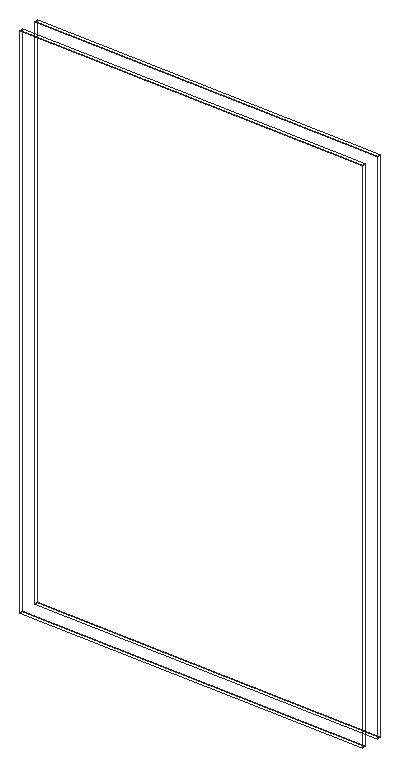
Revit family "Lunar-Double_Glazed_Panels", category Curtain Panels, Revit 2015
Parameters (values of type "Lunar™ LCD Privacy Smart Glass - Double Glazed 9/16" Panel")
  Youtube clip = ""
  Width [instance] = 4' - 4 1/2"
  Weight Net (Kg) = "0"
  Uniformat II Description = "Partitions"
  Uniformat II Code = "C1010"
  Uniclass 2015 Name = "Framed partition systems"
  Uniclass 2015 Code = "Ss_25_10_30"
  Uniclass 2.0 Description = "Framed Partition Systems"
  Uniclass 2.0 Code = "SS-25-10-30"
  Uniclass 1.4 Description = "Partitions, non-structural internal walls"
  Uniclass 1.4 Code = "L384"
  URL = "https://www.avantisystemsusa.com"
  UNSPSC Code = ""
  Type Comments = ""
  Thickness = 0' - 0 9/16"
  Technical description = ""
  Region South America = "All"
  Region Oceania = "All"
  Region North America = "All"
  Region Middle East = "All"
  Region Europe = "All"
  Region Asia = "All"
  Region Antarctica = "All"
  Region Africa = "All"
  QR code = "http://bimobject.com/avantisystems/product/avanti-lunar-lcd-privacy-smart-glass"
  Product url = "https://www.avantisystemsusa.com/glass-products/partition-systems/lcd-privacy-glass/"
  Product group = "LCD Privacy Smart Glass"
  Product family = "Partition Systems"
  Product data url = "https://bimobject.com/avantisystems/product/avanti-lunar-lcd-privacy-smart-glass"
  Product certification = ""
  Product SKU = "avanti-lunar-lcd-privacy-smart-glass"
  Product Guid = "85a3f31c-26a6-4c7e-983f-18423418bcc4"
  Panel Width [instance] = if(Width > Maximum Width, Maximum Width, Width)  # 4' - 4 1/2"
  Panel Height [instance] = if(Height > Maximum Height, Maximum Height, Height)  # 6' - 8"
  OmniClass Description = "Demountable Partitions"
  OmniClass Code = "23-15 11 13"
  Nominal width = 0' - 0"
  Nominal height = 0' - 0"
  NBS Reference Description = ""
  NBS Reference Code = ""
  Model = "Lunar™ LCD Privacy Smart Glass - Double Glazed 9/16\" Panel"
  Maximum Width = 5' - 0"
  Maximum Height = 12' - 0"
  Material secondary = "Aluminium"
  Material main = "Glass"
  Masterformat 2014 Description = "Demountable Partitions"
  Masterformat 2014 Code = "10 22 19"
  Manufacturer name = "Avanti Systems"
  Manufacturer country = ""
  Manufacturer = "Avanti Systems USA"
  Installation instructions = ""
  Inset = 0' - 0"
  IFC Classification = ""
  Height [instance] = 6' - 8"
  Glazing Material [instance] = Glass - Avanti - Lunar™ Smart Glass Partition System
  Glass Marker = yes
  Edition number = 1
  EAN code = ""
  Design country = "United States"
  Description = "The system utilizes PDLC technology which allows completely transparent glass to transform to private in 1 milisecond."
  Date of publishing = ""
  COBIe Type Category = ""
  Brand url = "http://www.avantisystemsusa.com/"
  BIMobject main category code = "walls"
  BIMobject main category = "Walls"
  BIMobject category code = "walls-curtain"
  BIMobject category = "Curtain Walls"
  Assembly Code = ""
  Offset = 0' - 0"
  Panel Area [instance] = Panel Width * Panel Height  # 4200.00 in²
  Analytic Construction = "<None>"
Types (5): name | Thickness | Model
  Lunar™ LCD Privacy Smart Glass - Double Glazed 1/2" Panel | 0' - 0 1/2" | "Lunar™ LCD Privacy Smart Glass - Double Glazed 1/2\" Panel"
  Lunar™ LCD Privacy Smart Glass - Double Glazed 3/4" Panel | 0' - 0 3/4" | "Lunar™ LCD Privacy Smart Glass - Double Glazed 3/4\" Panel"
  Lunar™ LCD Privacy Smart Glass - Double Glazed 3/8" Panel | 0' - 0 3/8" | "Lunar™ LCD Privacy Smart Glass - Double Glazed 3/8\" Panel"
  Lunar™ LCD Privacy Smart Glass - Double Glazed 7/16" Panel | 0' - 0 7/16" | "Lunar™ LCD Privacy Smart Glass - Double Glazed 7/16\" Panel"
  Lunar™ LCD Privacy Smart Glass - Double Glazed 9/16" Panel | 0' - 0 9/16" | "Lunar™ LCD Privacy Smart Glass - Double Glazed 9/16\" Panel"
Reference planes (in)
  plane 1: y = 0.00048
  plane 2: z = 0
  plane 3 "Center (Left/Right)": x = 0
  plane 4 "Left": x = -26.25
  plane 5 "Right": x = 26.25
  plane 6 "Top": z = 80
  plane 7 "Panel Offset": y = 0.00048
  plane 8 "Glass Center E/I": y = 0.00048
  plane 9 "Glass Exterior": y = 1.68644
  plane 10 "Glass Interior": y = -1.68548
  plane 11 "Panel Left": x = -26.25
  plane 12 "Panel Right": x = 26.25
  plane 13: z = 80
Forms (in)
  Extrusion 1, solid, material "Glass - Avanti - Lunar™ Smart Glass Partition System" <- "Glazing Material"
    sketch origin (0, 0, 0) x (1, 0, 0) y (0, 1, 0)
      loop
        line (-26.25, -1.68548) -> (26.25, -1.68548) -> (26.25, -1.12298) -> (-26.25, -1.12298) -> (-26.25, -1.68548)
    from 0 to 80
  Extrusion 2, solid, material "Glass - Avanti - Lunar™ Smart Glass Partition System" <- "Glazing Material"
    sketch origin (0, 8.99609, 0) x (1, 0, 0) y (0, 1, 0)
      loop
        line (-26.25, -7.30965) -> (-26.25, -7.87215) -> (26.25, -7.87215) -> (26.25, -7.30965) -> (-26.25, -7.30965)
    from 0 to 80
Lines and regions (in)
  symbolic lines, style "Glass"
    curve 1: line (-26.25, -1.68548, 0) -> (26.25, -1.68548, 0)
  symbolic lines, visible <- "Glass Marker"
    curve 2: line (-2.82843, -0.24998, 37.17157) -> (2.82843, -0.24998, 42.82843)
    curve 3: line (0, -0.24998, 38.15204) -> (1.84796, -0.24998, 40)
    curve 4: line (-1.84796, -0.24998, 40) -> (0, -0.24998, 41.84796)
  symbolic lines, not visible
    curve 5: line (-1.84796, 0.25002, 40) -> (1.84796, 0.25002, 40)
    curve 10: line (-1.84534, 0.25002, 22.66367) -> (1.85057, 0.25002, 22.66367)
  model lines, not visible
    curve 6: line (0, 0.25002, 38.15204) -> (0, 0.25002, 41.84796)
    curve 11: line (0.00262, 0.25002, 20.81572) -> (0.00262, 0.25002, 24.51163)
  symbolic lines, visible <- "Glass Marker", not visible
    curve 7: line (-2.82581, -0.24998, 19.83525) -> (2.83104, -0.24998, 25.4921)
    curve 8: line (0.00262, -0.24998, 20.81572) -> (1.85057, -0.24998, 22.66367)
    curve 9: line (-1.84534, -0.24998, 22.66367) -> (0.00262, -0.24998, 24.51163)
Text (in)
  text "Exterior" at (-52.30548, 24.87723, 0), in view "Base Line"
Dimensions and locks (in)
  equal spacing: plane 4 "Left", plane 3 "Center (Left/Right)", plane 5 "Right"
  "Width": plane 4 "Left" to plane 5 "Right"
  equal spacing: plane 9 "Glass Exterior", plane 8 "Glass Center E/I", plane 10 "Glass Interior"
  "Offset": plane 1 to plane 7 "Panel Offset"
  "Inset": plane 7 "Panel Offset" to plane 8 "Glass Center E/I"
  "Height": plane 6 "Top" to plane 2
  "Panel Height": plane 13 to plane 2
  equal spacing: plane 11 "Panel Left", plane 3 "Center (Left/Right)", plane 12 "Panel Right"
  "Panel Width": plane 11 "Panel Left" to plane 12 "Panel Right"
  "Thickness": Extrusion 2 to Extrusion 2
  "Thickness": Extrusion 1 to Extrusion 1
  equal spacing: Extrusion 1, curve 5, Extrusion 1
  equal spacing: Extrusion 1, curve 6, Extrusion 1
  aligned and locked: plane 4 "Left" to curve 1
  aligned and locked: plane 5 "Right" to curve 1
  aligned and locked: Extrusion 1 to level
  aligned: Extrusion 1 to plane 6 "Top"
  aligned and locked: Extrusion 1 sketch curve to plane 10 "Glass Interior"
  aligned and locked: Extrusion 1 sketch curve to plane 11 "Panel Left"
  aligned and locked: Extrusion 1 sketch curve to plane 12 "Panel Right"
  aligned and locked: plane 13 to Extrusion 1
  aligned and locked: plane 11 "Panel Left" to Extrusion 2
  aligned and locked: Extrusion 2 to plane 12 "Panel Right"
  aligned and locked: plane 13 to Extrusion 2
  aligned and locked: Extrusion 2 sketch curve to plane 9 "Glass Exterior"
Automatic sketch dimensions
  Extrusion 1 sketch curve to Extrusion 1 sketch curve = 0' - 0 9/16"
  Extrusion 2 sketch curve to plane 4 "Left" = 0' - 0"
  Extrusion 2 sketch curve to plane 5 "Right" = 0' - 0"
  curve 1 to plane 10 "Glass Interior" = 0' - 0"
  Extrusion 2 sketch curve to Extrusion 2 sketch curve = 0' - 0 9/16"
